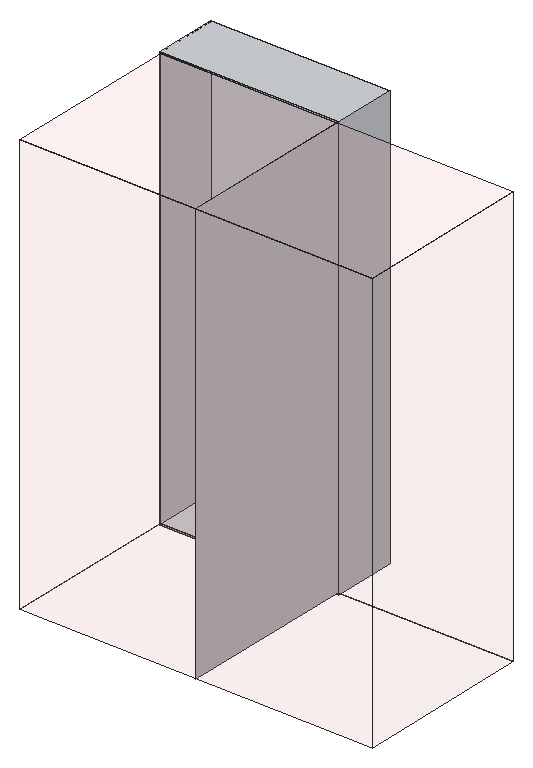
Revit family "Hager-Type B SP&N Distribution Boards-Surface_mounted-IP3X-With_Cover-Without_DIN-NoHosted-GB-en", category Electrical Equipment, Revit 2023
Family settings
  Panel Configuration = Two Columns, Circuits Across
  Round Connector Dimension = Use Diameter
  Part Type = Panelboard
  Work Plane-Based = Yes
  Always vertical = Yes
  Cut with Voids When Loaded = No
  Maintain Annotation Orientation = No
  Shared = No
  Room Calculation Point = No
Parameters (values of type "Type B SP&N Distribution Boards-Surface_mounted_W465_H1100_D166_0_Modular_Spacing-JK212BSF")
  Width Control [instance] = if([HG000006-Flush mounted], if([EF000846 - Recess width] > min_whd, [EF000846 - Recess width], min_whd), if([EF000008 - Width] > min_whd, ([EF000008 - Width]), min_whd))  # 465 mm
  Void Depth [instance] = if([EF000218 - Recess depth] > 1 mm, [EF000218 - Recess depth], 1 mm)  # 1 mm
  Uniformat code = "D501001"
  Uniformat = "Low Tension Service & Dist."
  Référence = ""
  HG000131 - Functional label [instance] = ""
  HG000130 - Functional name [instance] = ""
  HG000099-Onfly Template ID = "507532"
  HG000059-Operating voltage [instance] = 230 V
  ETIM class name = "Small distribution board"
  ETIM class code = "EC000214"
  EF015941 - Signal passing door = no
  EF015777 - Neutral terminal block = no
  EF015776 - Earthing terminal block = no
  EF009212 - Cover model = ""
  EF006306 - With lock = no
  EF006244 - Transparent cover/door = no
  EF005474 - Degree of protection (IP rating) = "IP3X"
  EF004462 - Type of closure = ""
  EF002950 - Width in number of modular spacings = 0
  EF001596 - Housing material = ""
  EF001134 - With DIN-rail = no
  EF001131 - Internal depth = 0 mm
  EF001088 - Extension possible = yes
  EF001062 - EMC-version = no
  EF000846 - Recess width = 0 mm
  EF000339 - Type of covering = ""
  EF000332 - Recess height = 0 mm
  EF000266 - Number of rows = 0
  EF000218 - Recess depth = 0 mm
  EF000118 - With mounting plate = no
  EF000116 - RAL number = 7035
  EF000049 - Depth = 166 mm
  EF000040 - Height = 1100 mm
  EF000008 - Width = 465 mm
  EF000007 - Colour = "Grey"
  EF000003 - Mounting method = "Surface mounted"
  EF004464 - Type of door = ""
  EF000024 - UV resistant = no
  Type Comments = ""
  System Height [instance] = Height Control - 2 * [HG000005-Thickness]  # 446 mm
  Reference description = ""
  Reference = "Type B SP&N Distribution Boards-Surface_mounted_W465_H1100_D166_0_Modular_Spacing-JK212BSF"
  Panel Name [instance] = ""  # (empty or 0)
  Offset [instance] = 0 mm
  Object type = ""
  Name hager = "ADD_Enclosures_EC000214"
  Name BIM&CO = "Electricity"
  Name = "Type B SP&N Distribution Boards-Surface_mounted-IP3X-With_Cover-Without_DIN-GB"
  Model = ""
  Level Offset [instance] = [Flush Mounted - Door Frame Width] + Offset  # 50 mm
  HGEF002950-Width in number of modular spacings = 0
  HGEF000266-Number of rows = 0
  HG000060-RAL-number = "7035"
  HG000017-Distance between poles = 18 mm
  HG000016-Door 3D visibility = yes
  HG000015-Clearance visibility = yes
  HG000014-Door on the right = yes
  HG000013-Door on the left = not([HG000014-Door on the right])  # no
  HG000012-Door swing angle = 90.00°
  HG000011-Empty rows from bottom = no
  HG000010-Asymmetric doors = no
  HG000009-Double swing door = no
  HG000008-Number of empty rows = 0
  HG000007-Number of empty columns = 0
  HG000006-Flush mounted = no
  HG000005-Thickness = 2 mm
  HG000004-Manufacturer reference = "JK212BSF"
  HG000003-Range = "Type B SP&N Distribution Boards"
  HG000002-With door or cover = yes
  HG000001-Number of columns = 0
  GTIN (Global Trade Item Number) = ""
  Description = ""
  Default Elevation = 1200 mm
  Creation Date = "12/17/2025 20:13:45"
  Code hager = "ADD-EC000214_EU"
  Code Uniformat = ""
  BIM&CO code = ""
  BC_VARIANT_ID = "1178584"
  BC_OBJECT_VERSION = "#1"  # constant formula
  BC_OBJECT_ID = "513821"  # constant formula
  BC_MODEL_ID = "1554198"  # constant formula
  BC_METADATA = "{\"ObjectGuid\":\"bc35c96e-cb38-443e-833d-0616858cb9ac\",\"ModelGuid\":\"8af03f69-2293-4735-a617-cc53adf55621\",\"VariantGuid\":\"8b6e323b-1b53-409a-a940-11b5a7fc5337\",\"Revision\":\"#4\",\"VariantName\":\"Template-Enclosure_EU-EC000214\"}"
  Arrow Offset [instance] = Depth Control / 8  # 18.75 mm
  Arrow Height [instance] = Depth Control - Arrow Offset  # 131.25 mm
  Host Offset [instance] = if([HG000006-Flush mounted], 0 mm, [EF000049 - Depth])  # 166 mm
  min_whd [instance] = (2 * [HG000005-Thickness]) + 1 mm  # 5 mm
  Manufacturer = "Hager"  # constant formula
  Height Control [instance] = if([HG000006-Flush mounted], if([EF000332 - Recess height] > min_whd, [EF000332 - Recess height], min_whd), if([EF000040 - Height] > min_whd, ([EF000040 - Height]), min_whd))  # 1100 mm
  Flush Mounted - Door Frame Width [instance] = if(([EF000040 - Height] - [EF000332 - Recess height]) > 0 mm, if([HG000006-Flush mounted], [EF000040 - Height] - [EF000332 - Recess height], 0 mm), 0 mm)  # 0 mm
  Depth Control [instance] = if([HG000006-Flush mounted], if([EF000218 - Recess depth] > 0 mm, [EF000218 - Recess depth], 1 mm), if([EF000049 - Depth] > 0 mm, ([EF000049 - Depth]), 1 mm))  # 166 mm
Types (19, lengths in mm): name | Width Control | EF006306 - With lock | EF006244 - Transparent cover/door | EF001088 - Extension possible | EF000049 - Depth | EF000040 - Height | EF000008 - Width | EF000007 - Colour | Reference | HG000004-Manufacturer reference | HG000001-Number of columns | BC_VARIANT_ID | Host Offset | Height Control | Depth Control
  Type B SP&N Distribution Boards-Surface_mounted_W465_H305_D55_0_Modular_Spacing-JK101DK | 465 | no | no | no | 55 | 305 | 465 | "" | "Type B SP&N Distribution Boards-Surface_mounted_W465_H305_D55_0_Modular_Spacing-JK101DK" | "JK101DK" | 1 | "1178573" | 55 | 305 | 55
  Type B SP&N Distribution Boards-Surface_mounted_W465_H450_D55_0_Modular_Spacing-JK102DK | 465 | no | no | no | 55 | 450 | 465 | "" | "Type B SP&N Distribution Boards-Surface_mounted_W465_H450_D55_0_Modular_Spacing-JK102DK" | "JK102DK" | 1 | "1178574" | 55 | 450 | 55
  Type B SP&N Distribution Boards-Surface_mounted_W465_H500_D91_0_Modular_Spacing-JK104BSF | 465 | no | yes | yes | 91 | 500 | 465 | "Grey" | "Type B SP&N Distribution Boards-Surface_mounted_W465_H500_D91_0_Modular_Spacing-JK104BSF" | "JK104BSF" | 0 | "1178575" | 91 | 500 | 91
  Type B SP&N Distribution Boards-Surface_mounted_W465_H500_D91_0_Modular_Spacing-JK104BSH | 465 | yes | yes | yes | 91 | 500 | 465 | "Grey" | "Type B SP&N Distribution Boards-Surface_mounted_W465_H500_D91_0_Modular_Spacing-JK104BSH" | "JK104BSH" | 0 | "1178576" | 91 | 500 | 91
  Type B SP&N Distribution Boards-Surface_mounted_W465_H550_D91_0_Modular_Spacing-JK106BSF | 465 | no | yes | yes | 91 | 550 | 465 | "Grey" | "Type B SP&N Distribution Boards-Surface_mounted_W465_H550_D91_0_Modular_Spacing-JK106BSF" | "JK106BSF" | 0 | "1178577" | 91 | 550 | 91
  Type B SP&N Distribution Boards-Surface_mounted_W465_H625_D91_0_Modular_Spacing-JK108BSF | 465 | no | no | yes | 91 | 625 | 465 | "Grey" | "Type B SP&N Distribution Boards-Surface_mounted_W465_H625_D91_0_Modular_Spacing-JK108BSF" | "JK108BSF" | 0 | "1178578" | 91 | 625 | 91
  Type B SP&N Distribution Boards-Surface_mounted_W465_H850_D91_0_Modular_Spacing-JK112BSF | 465 | no | no | yes | 91 | 850 | 465 | "Grey" | "Type B SP&N Distribution Boards-Surface_mounted_W465_H850_D91_0_Modular_Spacing-JK112BSF" | "JK112BSF" | 0 | "1178579" | 91 | 850 | 91
  Type B SP&N Distribution Boards-Surface_mounted_W465_H950_D91_0_Modular_Spacing-JK116BSF | 465 | no | no | yes | 91 | 950 | 465 | "Grey" | "Type B SP&N Distribution Boards-Surface_mounted_W465_H950_D91_0_Modular_Spacing-JK116BSF" | "JK116BSF" | 0 | "1178580" | 91 | 950 | 91
  Type B SP&N Distribution Boards-Surface_mounted_W465_H950_D91_0_Modular_Spacing-JK116BSH | 465 | no | no | yes | 91 | 950 | 465 | "Grey" | "Type B SP&N Distribution Boards-Surface_mounted_W465_H950_D91_0_Modular_Spacing-JK116BSH" | "JK116BSH" | 0 | "1178581" | 91 | 950 | 91
  Type B SP&N Distribution Boards-Surface_mounted_W465_H950_D124_0_Modular_Spacing-JK208BSF | 465 | no | no | yes | 124 | 950 | 465 | "Grey" | "Type B SP&N Distribution Boards-Surface_mounted_W465_H950_D124_0_Modular_Spacing-JK208BSF" | "JK208BSF" | 0 | "1178582" | 124 | 950 | 124
  Type B SP&N Distribution Boards-Surface_mounted_W232_H950_D124_0_Modular_Spacing-JK208BSH | 232 | no | no | yes | 124 | 950 | 232 | "Grey" | "Type B SP&N Distribution Boards-Surface_mounted_W232_H950_D124_0_Modular_Spacing-JK208BSH" | "JK208BSH" | 0 | "1178583" | 124 | 950 | 124
  Type B SP&N Distribution Boards-Surface_mounted_W465_H1100_D166_0_Modular_Spacing-JK212BSF | 465 | no | no | yes | 166 | 1100 | 465 | "Grey" | "Type B SP&N Distribution Boards-Surface_mounted_W465_H1100_D166_0_Modular_Spacing-JK212BSF" | "JK212BSF" | 0 | "1178584" | 166 | 1100 | 166
  Type B SP&N Distribution Boards-Surface_mounted_W232_H1100_D166_0_Modular_Spacing-JK212BSH | 232 | no | no | yes | 166 | 1100 | 232 | "Grey" | "Type B SP&N Distribution Boards-Surface_mounted_W232_H1100_D166_0_Modular_Spacing-JK212BSH" | "JK212BSH" | 0 | "1178585" | 166 | 1100 | 166
  Type B SP&N Distribution Boards-Surface_mounted_W465_H1250_D166_0_Modular_Spacing-JK216BSF | 465 | no | no | yes | 166 | 1250 | 465 | "Grey" | "Type B SP&N Distribution Boards-Surface_mounted_W465_H1250_D166_0_Modular_Spacing-JK216BSF" | "JK216BSF" | 0 | "1178586" | 166 | 1250 | 166
  Type B SP&N Distribution Boards-Surface_mounted_W232_H1250_D166_0_Modular_Spacing-JK216BSH | 232 | no | no | yes | 166 | 1250 | 232 | "Grey" | "Type B SP&N Distribution Boards-Surface_mounted_W232_H1250_D166_0_Modular_Spacing-JK216BSH" | "JK216BSH" | 0 | "1178587" | 166 | 1250 | 166
  Type B SP&N Distribution Boards-Surface_mounted_W465_H1400_D166_0_Modular_Spacing-JK218BSF | 465 | no | no | yes | 166 | 1400 | 465 | "Grey" | "Type B SP&N Distribution Boards-Surface_mounted_W465_H1400_D166_0_Modular_Spacing-JK218BSF" | "JK218BSF" | 0 | "1178588" | 166 | 1400 | 166
  Type B SP&N Distribution Boards-Surface_mounted_W232_H1400_D166_0_Modular_Spacing-JK218BSH | 232 | no | no | yes | 166 | 1400 | 232 | "Grey" | "Type B SP&N Distribution Boards-Surface_mounted_W232_H1400_D166_0_Modular_Spacing-JK218BSH" | "JK218BSH" | 0 | "1178589" | 166 | 1400 | 166
  Type B SP&N Distribution Boards-Surface_mounted_W465_H1550_D124_0_Modular_Spacing-JK224BSF | 465 | no | no | yes | 124 | 1550 | 465 | "Grey" | "Type B SP&N Distribution Boards-Surface_mounted_W465_H1550_D124_0_Modular_Spacing-JK224BSF" | "JK224BSF" | 0 | "1178590" | 124 | 1550 | 124
  Type B SP&N Distribution Boards-Surface_mounted_W232_H1550_D124_0_Modular_Spacing-JK224BSH | 232 | no | no | yes | 124 | 1550 | 232 | "Grey" | "Type B SP&N Distribution Boards-Surface_mounted_W232_H1550_D124_0_Modular_Spacing-JK224BSH" | "JK224BSH" | 0 | "1178591" | 124 | 1550 | 124
Reference planes
  plane 1 "Center (Front/Back)": y = 0
  plane 2: z = 0
  plane 3 "Center (Left/Right)": x = 0
  plane 4: y = 2
  plane 5: y = 0
  plane 6: y = 0
  plane 7: z = 0
  plane 8: x = -232.5
  plane 9: x = 232.5
  plane 10: x = 230.5
  plane 11: x = -230.5
  plane 12: z = 50
  plane 13: z = 52
  plane 14: y = -161
  plane 15: y = -166
  plane 16: y = -2
  plane 17: z = 1148
  plane 18: z = 1150
  plane 19: z = 600
  plane 20: x = 0
  plane 21: y = -100
  plane 22 "Annotation H": y = -300
  plane 23 "Annotation V": x = 432.5
Forms (mm)
  Extrusion 1, solid
    sketch origin (-208.679, -4572, 50) x (-1, 0, 0) y (0, -1, 0)
      loop
        line (23.821, -4406) -> (-441.179, -4406) -> (-441.179, -4572) -> (23.821, -4572) -> (23.821, -4406)
    from 0 to 1100 <- "Height Control"
  Extrusion 2, void
    sketch origin (-350.771, -166, 1219.2) x (1, 0, 0) y (0, 0, 1)
      loop
        line (120.271, -71.2) -> (120.271, -1167.2) -> (581.271, -1167.2) -> (581.271, -71.2) -> (120.271, -71.2)
    from 0 to -164
  Extrusion 3, solid, detail levels coarse+medium
    sketch origin (-350.771, -166, 1219.2) x (-1, 0, 0) y (0, 0, 1)
      loop
        line (-120.271, -71.2) -> (-581.271, -71.2) -> (-581.271, -1167.2) -> (-120.271, -1167.2) -> (-120.271, -71.2)
    from 0 to 2 <- "HG000005-Thickness"
Cuts and joins
  Extrusion 2 cuts Extrusion 1
Dimensions and locks
  "Flush Mounted - Door Frame Width": plane 1 "Center (Front/Back)" to plane 6
  "HG000005-Thickness": plane 4 to plane 6
  "HG000005-Thickness": plane 8 to plane 11
  "HG000005-Thickness": plane 9 to plane 10
  equal spacing: plane 8, plane 3 "Center (Left/Right)", plane 9
  "Width Control": plane 8 to plane 9
  locked: plane 14 to plane 15 at 5
  "Host Offset": plane 1 "Center (Front/Back)" to plane 15
  "Depth Control": plane 5 to plane 15
  "HG000005-Thickness": plane 5 to plane 16
  "HG000005-Thickness": plane 13 to plane 12
  "Level Offset": plane 12 to level
  "HG000005-Thickness": plane 18 to plane 17
  "Height Control": plane 18 to plane 12
  "Arrow Offset": plane 5 to nested 4
  equal spacing: plane 18, plane 19, plane 12
  locked: connector elem to plane 19
  locked: connector elem to plane 3 "Center (Left/Right)"
  Extrusion 2 sketch curve to Extrusion 2 sketch curve to plane 9 = 461 mm, 2 mm
  locked: plane 9 to plane 23 "Annotation V" at 200
  locked: plane 22 "Annotation H" to plane 1 "Center (Front/Back)" at 300
  aligned and locked: nested 1 to plane 14
  aligned and locked: plane 3 "Center (Left/Right)" to nested 1
  aligned and locked: plane 3 "Center (Left/Right)" to nested 2
  aligned and locked: nested 2 to plane 15
  aligned and locked: plane 5 to Extrusion 1
  aligned and locked: Extrusion 3 sketch curve to plane 17
  aligned and locked: Extrusion 3 sketch curve to plane 11
  aligned and locked: Extrusion 3 sketch curve to plane 13
  aligned and locked: Extrusion 3 sketch curve to plane 10
  aligned and locked: Extrusion 2 sketch curve to plane 13
  aligned and locked: Extrusion 2 sketch curve to plane 17
  aligned and locked: plane 16 to Extrusion 2
  aligned and locked: plane 5 to Extrusion 1 sketch curve
  aligned and locked: plane 9 to Extrusion 1 sketch curve
  aligned and locked: plane 8 to Extrusion 1 sketch curve
  aligned and locked: plane 8 to nested 4
  aligned and locked: plane 8 to nested 3
  aligned and locked: nested 3 to plane 5
  aligned and locked: Extrusion 1 sketch curve to plane 15
  aligned and locked: Extrusion 2 to plane 15
  aligned and locked: nested 5 to plane 22 "Annotation H"
  aligned and locked: plane 23 "Annotation V" to nested 5
  aligned and locked: plane 11 to Extrusion 2
  aligned and locked: plane 10 to Extrusion 2
Nested families
  nested 1: "Hager_Enclosure_System" at (0, -161, 52), Flush_Mounted <- "HG000006-Flush mounted", Height <- "System Height", Width_Control <- "Width Control", Row_Module_Multiplicator <- "HGEF002950-Width in number of modular spacings", Empty_Columns <- "HG000007-Number of empty columns", Border <- "HG000005-Thickness", Total_No_Empty_Rows <- "HG000008-Number of empty rows", Depth <- "HG000005-Thickness", Empty_Rows_From_Bottom <- "HG000011-Empty rows from bottom", Distance_Between_Poles <- "HG000017-Distance between poles", Rows_Count <- "HGEF000266-Number of rows", Columns_Count <- "HG000001-Number of columns", Built-in_Width <- "EF000846 - Recess width", Width <- "EF000008 - Width", type "Hager_Enclosure_System", detail levels medium+fine
    with Width_Control 465 mm, Width 465 mm, Total_No_Rows 0, Total_No_Empty_Rows 0, Total_No_Columns 1, System_Width 461 mm, Rows_Count 0, Rows_Column 0, Row_Module_Multiplicator 0, Panel_4 no, Panel_3 no, Panel_2 no, Panel_1 no, No_Panels_Ctrl 1, Hide_Columns yes, Height 446 mm, Flush_Mounted no, Empty_Rows_From_Bottom no, Empty_Rows_Column 0, Empty_Columns 0, Empty column 4 0, Empty column 3 0, Empty column 2 0, Empty column 1 0, Distance_Between_Poles 18 mm, Depth 2 mm, Columns_Count 0, Column_Width 461 mm, Built-in_Width 0 mm, Border 2 mm
  nested 2: "Hager_Enclosure_Door" at (0, -166, 50), Double <- "HG000009-Double swing door", Height_Ctrl <- "Height Control", Angle <- "HG000012-Door swing angle", Door_Right <- "HG000014-Door on the right", Assymetrical <- "HG000010-Asymmetric doors", Flush_Mounted <- "HG000006-Flush mounted", Door <- "HG000002-With door or cover", Width_Ctrl <- "Width Control", 3d_Door <- "HG000016-Door 3D visibility", Border <- "HG000005-Thickness", Clearance <- "HG000015-Clearance visibility", Door_Left <- "HG000013-Door on the left", BuiltIn_Depth <- "EF000218 - Recess depth", Depth <- "EF000049 - Depth", BuiltIn_Width <- "EF000846 - Recess width", Height <- "EF000040 - Height", BuiltIn_Height <- "EF000332 - Recess height", Width <- "EF000008 - Width", Transparent <- "EF006244 - Transparent cover/door", type "Hager_Enclosure_Door", detail levels medium+fine
    with min_wh 5 mm, Width_Ctrl 465 mm, Width 465 mm, Transparent_Door_No_Bottom_Border no, Transparent no, Leaf_Width 458 mm, Leaf_Tolerance 1.5 mm, Leaf_Height 1093 mm, Leaf_2_Width 458 mm, Leaf_2_Offset 229 mm, Leaf_1_Width 458 mm, Leaf_1_Offset 229 mm, Height_Ctrl 1100 mm, Height 1100 mm, Frame_Width_Ctrl 465 mm, Frame_Width 465 mm, Frame_Internal_Offset 0 mm, Frame_Height_Ctrl 1100 mm, Frame_Height 1100 mm, Frame_Depth_Ctrl 1 mm, Frame_Depth 0 mm, Flush_Mounted no, Double_Clearance_Ctrl no, Double no, Door_Right_Ctrl yes, Door_Right yes, Door_Left_Ctrl no, Door_Left no, Door yes, Depth 166 mm, Clearance_Depth 458 mm, Clearance_Ctrl yes, Clearance yes, BuiltIn_Width 0 mm, BuiltIn_Height 0 mm, BuiltIn_Depth 0 mm, Border 2 mm, Assymetrical no, Angle 90.00°, 3d_Door yes
  nested 3: "Hager_Enclosure_Symbol_Triangle" at (-232.5, 0, 0), Depth <- "Depth Control", Width <- "Width Control", type "Hager_Enclosure_Symbol_Triangle"
    with Width_Ctrl 465 mm, Width 465 mm, Depth_Ctrl 166 mm, Depth 166 mm
  nested 4: "Hager_Enclosure_Symbol_Arrow" at (-232.5, -18.75, 0), Height <- "Arrow Height", type "Hager_Enclosure_Symbol_Arrow"
    with Width_Inside 9.844 mm, Width 118.125 mm, Height_Ctrl 131.25 mm, Height 131.25 mm
  nested 5: "Hager_Annotation-HG000130" at (432.5, -300, 0), HG000130 - Functional name <- "HG000130 - Functional name", type "Hager_Annotation-HG000130"
    with HG000130 - Functional name ""
Connectors
  electrical at (0, 0, 600), driven by "HG000059-Operating voltage"
    settings: on plane 5, index 1, voltage 230 V, apparent load 0 VA, apparent load phase1 0 VA, apparent load phase2 0 VA, apparent load phase3 0 VA, power factor 1, load classification "Other", number of poles 1, system type 30, power factor state 1, is connector primary yes, connector utility no, sub classification motor no, connector description ""
Definition of nested family "Hager_Enclosure_Door"
  Parameters (values of type "Hager_Enclosure_Door")
    min_wh [instance] = (2 * Border) + 1 mm  # 11 mm
    Width_Ctrl [instance] = 400 mm
    Width [instance] = 500 mm
    Transparent_Door_No_Bottom_Border [instance] = no
    Transparent [instance] = yes
    Leaf_Width [instance] = if((Width_Ctrl - 2 * Border - 2 * Leaf_Tolerance) > 0 mm, (Width_Ctrl - 2 * Border - 2 * Leaf_Tolerance), min_wh)  # 387 mm
    Leaf_Tolerance [instance] = 1.5 mm  # constant formula
    Leaf_Height [instance] = if((Height_Ctrl - 2 * Border - 2 * Leaf_Tolerance) > 0 mm, (Height_Ctrl - 2 * Border - 2 * Leaf_Tolerance), min_wh)  # 387 mm
    Leaf_2_Width [instance] = if(and(and(Double, Assymetrical), Door_Left), (Leaf_Width / 3) - (Leaf_Tolerance / 2), if(and(and(Double, Assymetrical), Door_Right), (Leaf_Width / 3) * 2 - (Leaf_Tolerance / 2), if(and(Double, not(Assymetrical)), (Leaf_Width / 2) - Leaf_Tolerance, Leaf_Width)))  # 387 mm
    Leaf_2_Offset [instance] = if(and(Double, Assymetrical), Leaf_2_Width / 2, if(and(Double, not(Assymetrical)), Leaf_Width / 4, Leaf_Width / 2))  # 193.5 mm
    Leaf_1_Width [instance] = if(and(and(Double, Assymetrical), Door_Right), (Leaf_Width / 3) - (Leaf_Tolerance / 2), if(and(and(Double, Assymetrical), Door_Left), (Width / 3) * 2 - (Leaf_Tolerance / 2), if(and(Double, not(Assymetrical)), (Leaf_Width / 2) - Leaf_Tolerance, Leaf_Width)))  # 387 mm
    Leaf_1_Offset [instance] = if(and(Double, Assymetrical), Leaf_1_Width / 2, if(and(Double, not(Assymetrical)), Leaf_Width / 4, Leaf_Width / 2))  # 193.5 mm
    Height_Ctrl [instance] = 400 mm
    Height [instance] = 500 mm
    Frame_Width_Ctrl [instance] = if(Frame_Width > 0 mm, Frame_Width, 1 mm)  # 1 mm
    Frame_Width [instance] = Width - BuiltIn_Width  # 0 mm
    Frame_Internal_Offset [instance] = if(Flush_Mounted, Border, 0 mm)  # 5 mm
    Frame_Height_Ctrl [instance] = if(Frame_Height > 0 mm, Frame_Height, 1 mm)  # 1 mm
    Frame_Height [instance] = Height - BuiltIn_Height  # 0 mm
    Frame_Depth_Ctrl [instance] = if(Frame_Depth > 0 mm, Frame_Depth, 1 mm)  # 1 mm
    Frame_Depth [instance] = if(Depth - BuiltIn_Depth > 0 mm, if(Flush_Mounted, Depth - BuiltIn_Depth, 0 mm), 0 mm)  # 0 mm
    Flush_Mounted [instance] = yes
    Double_Clearance_Ctrl [instance] = and(Double, Clearance)  # no
    Double [instance] = no
    Door_Right_Ctrl [instance] = and(or(Door_Right, Double), Door)  # yes
    Door_Right [instance] = yes
    Door_Left_Ctrl [instance] = and(or(Door_Left, Double), Door)  # no
    Door_Left [instance] = no
    Door [instance] = yes
    Depth [instance] = 500 mm
    Default Elevation = 1219.2 mm
    Clearance_Material = none
    Clearance_Depth [instance] = if(Leaf_1_Width > Leaf_2_Width, Leaf_1_Width, Leaf_2_Width)  # 387 mm
    Clearance_Ctrl [instance] = and(not(Double), Clearance)  # yes
    Clearance [instance] = yes
    BuiltIn_Width [instance] = 500 mm
    BuiltIn_Height [instance] = 500 mm
    BuiltIn_Depth [instance] = 500 mm
    Border [instance] = 5 mm
    Assymetrical [instance] = yes
    Angle [instance] = 30.00°
    3d_Door [instance] = yes
  Reference planes
    plane 1 "Center (Front/Back)": y = 0
    plane 2 "Bottom": z = 0
    plane 3 "Center (Left/Right)": x = 0
    plane 4: z = 400
    plane 5: x = -200
    plane 6: x = 200
    plane 7: z = 395
    plane 8: x = -195
    plane 9: z = 5
    plane 10: x = 195
    plane 11: y = 0
    plane 12: z = 6.5
    plane 13: x = -582
    plane 14: y = -387
    plane 15: x = 582
    plane 16: x = 0
    plane 17: x = 0
    plane 18: x = -193.5
    plane 19: x = 193.5
    plane 20: z = 393.5
  Forms (mm)
    Extrusion 1, solid, visible <- "Flush_Mounted"
      sketch origin (0, 0, 0) x (1, 0, 0) y (0, 0, 1)
        loop
          line (195, 5) -> (195, 395) -> (-195, 395) -> (-195, 5) -> (195, 5)
        loop
          line (-201, 401) -> (-201, -1) -> (201, -1) -> (201, 401) -> (-201, 401)
      from 0 to 1 <- "Frame_Depth_Ctrl"
    Extrusion 2, solid, material <- "Clearance_Material", visible <- "Double_Clearance_Ctrl"
      sketch origin (1200, 0, 0) x (1, 0, 0) y (0, 0, -1)
        loop
          line (-1782, -393.5) -> (-618, -393.5) -> (-618, 0) -> (-1782, 0) -> (-1782, -393.5)
      from 0 to -387
  Dimensions and locks
    equal spacing: plane 5, plane 3 "Center (Left/Right)", plane 6
    "Width_Ctrl": plane 5 to plane 6
    "Border": plane 5 to plane 8
    "Border": plane 6 to plane 10
    "Border": plane 9 to level
    "Border": plane 4 to plane 7
    "Height_Ctrl": plane 4 to level
    "Leaf_Tolerance": plane 12 to plane 9
    "Frame_Depth": plane 11 to plane 1 "Center (Front/Back)"
    "Frame_Width_Ctrl": plane 5 to Extrusion 1 sketch curve
    "Frame_Width_Ctrl": plane 6 to Extrusion 1 sketch curve
    "Frame_Width_Ctrl": Extrusion 1 sketch curve to plane 4
    "Frame_Width_Ctrl": plane 2 "Bottom" to Extrusion 1 sketch curve
    "Leaf_1_Offset": plane 18 to plane 16
    "Leaf_2_Offset": plane 17 to plane 19
    "Leaf_1_Width": plane 13 to plane 8
    "Leaf_2_Width": plane 10 to plane 15
    "Clearance_Depth": plane 14 to plane 1 "Center (Front/Back)"
    "Leaf_Tolerance": plane 8 to plane 18
    "Leaf_Tolerance": plane 19 to plane 10
    "Leaf_Tolerance": plane 7 to plane 20
    "Frame_Internal_Offset": plane 5 to Extrusion 1 sketch curve
    "Frame_Internal_Offset": Extrusion 1 sketch curve to plane 2 "Bottom"
    "Frame_Internal_Offset": plane 6 to Extrusion 1 sketch curve
    "Frame_Internal_Offset": plane 4 to Extrusion 1 sketch curve
    aligned and locked: level to plane 2 "Bottom"
    aligned and locked: nested 1 to plane 16
    aligned and locked: nested 2 to plane 17
    aligned and locked: Extrusion 2 to plane 13
    aligned and locked: plane 15 to Extrusion 2
    aligned and locked: Extrusion 2 to plane 14
    aligned and locked: plane 12 to nested 1
    aligned and locked: nested 2 to plane 12
    aligned and locked: Extrusion 2 to plane 11
    aligned and locked: plane 20 to Extrusion 2
    aligned and locked: nested 2 to plane 11
    aligned and locked: nested 1 to plane 11
  Automatic sketch dimensions
    Extrusion 2 sketch curve to level = 0 mm
    plane 5 to Extrusion 2 sketch curve = 382 mm
    plane 6 to Extrusion 2 sketch curve = 382 mm
    Extrusion 2 sketch curve to plane 4 = 6.5 mm
  Nested families
    nested 1: "Hager_Enclosure_Door_Leaf" at (0, 0, 6.5), Width <- "Leaf_1_Width", visible <- "Door_Left_Ctrl", Leaf_Height <- "Leaf_Height", Angle <- "Angle", Depth <- "Border", 3d_Door <- "3d_Door", Transparent <- "Transparent", Clearance Material <- "Clearance_Material", Clearance <- "Clearance_Ctrl", Transparent_Door_No_Bottom_Border <- "Transparent_Door_No_Bottom_Border", type "Hager_Enclosure_Door_Leaf"
      with Width 387 mm, Transparent_Door_No_Bottom_Border no, Transparent_Door_Border_Bottom_Top 25 mm, Transparent_Door_Border 25 mm, Transparent_Ctrl yes, Transparent yes, Standard no, Leaf_Height 387 mm, Glass_Offset 1 mm, Depth 5 mm, Clearance Material none, Clearance yes, Angle_Ctrl 30.00°, Angle 30.00°, 3d_Door yes
    nested 2: "Hager_Enclosure_Door_Leaf" at (0, 0, 6.5) x (-1, 0, 0) z (0, 0, 1), Width <- "Leaf_2_Width", visible <- "Door_Right_Ctrl", Leaf_Height <- "Leaf_Height", Angle <- "Angle", Depth <- "Border", 3d_Door <- "3d_Door", Transparent <- "Transparent", Clearance Material <- "Clearance_Material", Clearance <- "Clearance_Ctrl", Transparent_Door_No_Bottom_Border <- "Transparent_Door_No_Bottom_Border", type "Hager_Enclosure_Door_Leaf"
      with Width 387 mm, Transparent_Door_No_Bottom_Border no, Transparent_Door_Border_Bottom_Top 25 mm, Transparent_Door_Border 25 mm, Transparent_Ctrl yes, Transparent yes, Standard no, Leaf_Height 387 mm, Glass_Offset 1 mm, Depth 5 mm, Clearance Material none, Clearance yes, Angle_Ctrl 30.00°, Angle 30.00°, 3d_Door yes
  Definition of nested family "Hager_Enclosure_Door_Leaf"
    Parameters (values of type "Hager_Enclosure_Door_Leaf")
      Width [instance] = 2000 mm
      Transparent_Door_No_Bottom_Border [instance] = yes
      Transparent_Door_Border_Bottom_Top [instance] = if(Transparent_Door_No_Bottom_Border, 0.1 mm, Transparent_Door_Border)  # 0.1 mm
      Transparent_Door_Border [instance] = if(Transparent_Door_No_Bottom_Border, (Width * 0.12), 25 mm)  # 240 mm
      Transparent_Ctrl [instance] = and(Transparent, [3d_Door])  # yes
      Transparent [instance] = yes
      Standard [instance] = and(not(Transparent), [3d_Door])  # no
      Leaf_Height [instance] = 2720.336 mm
      Glass_Offset [instance] = if((Depth - 10 mm) / 2 > 0 mm, (Depth - 10 mm) / 2, 1 mm)  # 15 mm
      Glass_Material = none
      Depth [instance] = 40 mm
      Default Elevation = 0 mm
      Clearance Material [instance] = none
      Clearance [instance] = yes
      Angle_Ctrl [instance] = if(Angle > 170.00°, 170.00°, Angle)  # 45.00°
      Angle [instance] = 45.00°
      3d_Door [instance] = yes
    Reference planes
      plane 1 "Center (Front/Back)": y = 0
      plane 2: z = 0
      plane 3 "Center (Left/Right)": x = 0
      plane 4: y = 2000
      plane 5: x = -1000
      plane 6: x = 1000
      plane 7: x = -3000
      plane 8: z = 2720.336
      plane 9: z = 0.1
      plane 10: z = 2720.236
      plane 11: x = 760
      plane 12: x = -760
    Forms (mm)
      Extrusion 1, solid, material <- "Clearance Material", visible <- "Clearance"
        sketch origin (0, 0, 0) x (1, 0, 0) y (0, 0, 1)
          loop
            line (-3000, 2720.336) -> (-3000, 0) -> (1000, 0) -> (1000, 2720.336) -> (-3000, 2720.336)
        from 0 to -2000
      Extrusion 2, solid, visible <- "Standard", detail levels medium+fine
        sketch origin (-1000, 0, 0) x (0.707107, 0.707107, 0) y (-0.707107, 0.707107, 0)
          loop
            line (0, -40) -> (2000, -40) -> (2000, 0) -> (0, 0) -> (0, -40)
        from 0 to 2720.336 <- "Leaf_Height"
      Extrusion 3, solid, visible <- "Transparent_Ctrl", detail levels medium+fine
        sketch origin (-1000, 0, 0) x (0.707107, 0.707107, 0) y (-0.707107, 0.707107, 0)
          loop
            line (0, -40) -> (2000, -40) -> (2000, 0) -> (0, 0) -> (0, -40)
        from 0 to 2720.336 <- "Leaf_Height"
      Extrusion 4, void, detail levels medium+fine
        sketch origin (-1000, 0, 0) x (-0.707107, 0.707107, 0) y (0.707107, 0.707107, 0)
          loop
            line (0, 240) -> (0, 1760) -> (-40, 1760) -> (-40, 240) -> (0, 240)
        from -2720.236 to -0.1
      Extrusion 5, solid, material <- "Glass_Material", visible <- "Transparent_Ctrl", detail levels medium+fine
        sketch origin (-1000, 0, 0) x (0.707107, 0.707107, 0) y (-0.707107, 0.707107, 0)
          loop
            line (240, -15) -> (240, -25) -> (1760, -25) -> (1760, -15) -> (240, -15)
        from 0.1 to 2720.236
    Cuts and joins
      Extrusion 4 cuts Extrusion 3
    Lines and regions (mm)
      symbolic lines
        curve 1: line (1000, 0, 0) -> (-3000, 0, 0)
        curve 2: arc (1000, 0, 0) -> (-1000, 2000, 0) -> (-3000, 0, 0) r 2000
        curve 4: line (-1000, 0, 0) -> (414.214, 1414.214, 0)
      reference lines
        curve 3: line (-1000, 0, 0) -> (414.214, 1414.214, 0)
      symbolic lines, detail levels medium+fine
        curve 5: line (414.214, 1414.214, 0) -> (442.498, 1385.929, 0)
        curve 6: line (442.498, 1385.929, 0) -> (-971.716, -28.284, 0)
        curve 7: line (-971.716, -28.284, 0) -> (-1000, 0, 0)
        curve 8: line (-1000, 0, 2720.336) -> (1000, 0, 2720.336)
        curve 9: line (-1000, 0, 0) -> (-1000, 0, 2720.336)
        curve 10: line (1000, 0, 0) -> (-1000, 0, 0)
        curve 11: line (1000, 0, 2720.336) -> (1000, 0, 0)
      symbolic lines, visible <- "Transparent_Ctrl", detail levels medium+fine
        curve 12: line (-760, 0, 2720.236) -> (760, 0, 2720.236)
        curve 13: line (-760, 0, 0.1) -> (-760, 0, 2720.236)
        curve 14: line (760, 0, 0.1) -> (-760, 0, 0.1)
        curve 15: line (760, 0, 2720.236) -> (760, 0, 0.1)
    Dimensions and locks
      "Width": plane 1 "Center (Front/Back)" to plane 4
      equal spacing: plane 5, plane 3 "Center (Left/Right)", plane 6
      "Width": plane 5 to plane 6
      "Width": plane 7 to plane 5
      "Leaf_Height": plane 8 to level
      "Depth": curve 6 to curve 3
      "Width": curve 5 to curve 3
      "Width": curve 3 to curve 3
      "Transparent_Door_Border": Extrusion 4 sketch curve to curve 7
      "Transparent_Door_Border": Extrusion 4 sketch curve to curve 5
      "Transparent_Door_Border_Bottom_Top": plane 8 to plane 10
      "Transparent_Door_Border_Bottom_Top": plane 9 to level
      "Glass_Offset": Extrusion 5 sketch curve to curve 4
      "Glass_Offset": Extrusion 5 sketch curve to curve 6
      "Transparent_Door_Border": Extrusion 5 sketch curve to curve 5
      "Transparent_Door_Border": Extrusion 5 sketch curve to curve 7
      "Transparent_Door_Border": plane 12 to plane 5
      "Transparent_Door_Border": plane 6 to plane 11
      "Angle_Ctrl": angle plane 1 "Center (Front/Back)" to curve 3
      aligned and locked: level to plane 2
      aligned and locked: Extrusion 1 to curve 1
      aligned and locked: plane 6 to Extrusion 1
      aligned and locked: Extrusion 1 to plane 1 "Center (Front/Back)"
      aligned and locked: plane 4 to Extrusion 1
      aligned and locked: plane 8 to Extrusion 1
      aligned and locked: curve 4 to curve 3
      aligned and locked: Extrusion 2 sketch curve to curve 7
      aligned and locked: Extrusion 2 sketch curve to curve 6
      aligned and locked: Extrusion 2 sketch curve to curve 5
      aligned and locked: Extrusion 2 sketch curve to curve 3
      aligned and locked: curve 7 to Extrusion 3 sketch curve
      aligned and locked: Extrusion 3 sketch curve to curve 4
      aligned and locked: Extrusion 3 sketch curve to curve 6
      aligned and locked: Extrusion 3 sketch curve to curve 5
      aligned and locked: curve 4 to Extrusion 4 sketch curve
      aligned and locked: curve 6 to Extrusion 4 sketch curve
      aligned and locked: Extrusion 4 to plane 9
      aligned and locked: Extrusion 4 to plane 10
      aligned and locked: Extrusion 5 to plane 9
      aligned and locked: Extrusion 5 to plane 10
      aligned and locked: curve 8 to plane 8
      aligned and locked: plane 5 to curve 9
      aligned and locked: plane 2 to curve 10
      aligned and locked: curve 11 to plane 6
      aligned and locked: plane 10 to curve 12
      aligned and locked: plane 12 to curve 13
      aligned and locked: curve 14 to plane 9
      aligned and locked: plane 11 to curve 15
    Automatic sketch dimensions
      plane 1 "Center (Front/Back)" to curve 2 = 0 mm
      curve 2 to plane 5 = 0 mm
      Extrusion 1 sketch curve to level = 0 mm
      Extrusion 1 sketch curve to plane 7 = 0 mm
      Extrusion 1 sketch curve to plane 6 = 0 mm
      Extrusion 1 sketch curve to plane 8 = 0 mm
      plane 1 "Center (Front/Back)" to curve 3 = 0 mm
      curve 3 to plane 5 = 0 mm
      curve 7 to curve 3 = 0 mm
Definition of nested family "Hager_Enclosure_Symbol_Triangle"
  Parameters (values of type "Hager_Enclosure_Symbol_Triangle")
    Width_Ctrl [instance] = if(Width > 1 mm, Width, 1 mm)  # 498 mm
    Width [instance] = 498 mm
    Depth_Ctrl [instance] = if(Depth > 1 mm, Depth, 1 mm)  # 72 mm
    Depth [instance] = 72 mm
  Reference planes
    plane 1 "Centre (avant/arrière)": y = 0
    plane 2: z = 0
    plane 3 "Centre (gauche/droite)": x = 0
  Lines and regions (mm)
    Filled region 1, type "Solid_Black", in view "Niveau de réf."
      outline origin (0, 0, 0) x (1, 0, 0) y (0, 1, 0)
        loop
          line (0, 0) -> (498, 0) -> (498, 72) -> (0, 0)
    reference lines, in view "Niveau de réf."
      curve 1: line (-206.153, 72, 0) -> (1083.258, 72, 0)
      curve 2: line (498, 405.456, 0) -> (498, -517.619, 0)
  Dimensions and locks
    "Depth_Ctrl": plane 1 "Centre (avant/arrière)" to curve 1
    "Width_Ctrl": plane 3 "Centre (gauche/droite)" to curve 2
    aligned and locked: curve 1 to Filled region 1 sketch curve
    aligned and locked: Filled region 1 sketch curve to plane 1 "Centre (avant/arrière)"
    aligned and locked: curve 2 to Filled region 1 sketch curve
    aligned and locked: plane 3 "Centre (gauche/droite)" to Filled region 1 sketch curve
    aligned and locked: plane 1 "Centre (avant/arrière)" to Filled region 1 sketch curve
  Automatic sketch dimensions
    curve 1 to plane 3 "Centre (gauche/droite)" = 206.153 mm
    curve 2 to curve 1 = 585.258 mm
    plane 1 "Centre (avant/arrière)" to curve 2 = 517.619 mm
    curve 2 to plane 1 "Centre (avant/arrière)" = 405.456 mm
Definition of nested family "Hager_Enclosure_Symbol_Arrow"
  Parameters (values of type "Hager_Enclosure_Symbol_Arrow")
    Width_Inside [instance] = if(Width / 12 > 2 mm, Width / 12, 2 mm)  # 4.987 mm
    Width [instance] = if(Height_Ctrl * 0.9 > 2 mm, Height_Ctrl * 0.9, 2 mm)  # 59.85 mm
    Height_Ctrl [instance] = if(Height > 2 mm, Height, 2 mm)  # 66.5 mm
    Height [instance] = 66.5 mm
  Reference planes
    plane 1 "Centre (avant/arrière)": y = 0
    plane 2: z = 0
    plane 3 "Centre (gauche/droite)": x = 0
    plane 4: x = 59.85
    plane 5: y = 28.263
    plane 6: y = 38.238
    plane 7: y = 66.5
    plane 8: x = 29.925
    plane 9: y = 33.25
  Lines and regions (mm)
    Filled region 1, type "Solid_Black", in view "Niveau de réf."
      outline origin (0, 0, 0) x (1, 0, 0) y (0, 1, 0)
        loop
          line (59.85, 66.5) -> (37.929, 52.827) -> (51.846, 41.935) -> (59.85, 66.5)
    detail lines, in view "Niveau de réf."
      curve 1: line (0, 0, 0) -> (29.925, 38.238, 0)
      curve 2: line (29.925, 38.238, 0) -> (29.925, 28.263, 0)
      curve 3: line (29.925, 28.263, 0) -> (59.85, 66.5, 0)
  Dimensions and locks
    "Width": plane 3 "Centre (gauche/droite)" to plane 4
    "Height_Ctrl": plane 7 to plane 1 "Centre (avant/arrière)"
    equal spacing: plane 3 "Centre (gauche/droite)", plane 8, plane 4
    equal spacing: plane 7, plane 9, plane 1 "Centre (avant/arrière)"
    equal spacing: plane 6, plane 9, plane 5
    "Width_Inside": plane 6 to plane 9
    equal spacing: curve 3, Filled region 1 sketch curve, Filled region 1 sketch curve
    angle Filled region 1 sketch curve to curve 3 = 20.00°
    angle curve 3 to Filled region 1 sketch curve = 20.00°
    locked: curve 3 to Filled region 1 sketch curve (angle 90.00°)
  Automatic sketch dimensions
    plane 1 "Centre (avant/arrière)" to curve 1 = 0 mm
    curve 1 to plane 3 "Centre (gauche/droite)" = 0 mm
    curve 2 to plane 6 = 0 mm
    curve 3 to plane 8 = 0 mm
    curve 3 to plane 4 = 0 mm
    curve 2 to plane 5 = 0 mm
    curve 3 to plane 7 = 0 mm
    Filled region 1 sketch curve to plane 4 = 0 mm
    Filled region 1 sketch curve to plane 7 = 0 mm
Definition of nested family "Hager_Annotation-HG000130"
  Parameters (values of type "Hager_Annotation-HG000130")
    HG000130 - Functional name [instance] = ""
  Reference planes
    plane 1: y = 0
    plane 2: x = 0
  Lines and regions (mm)
    detail lines
      curve 1: line (-27.5, 10, 0) -> (27.5, 10, 0)
      curve 2: line (-27.5, -10, 0) -> (-27.5, 10, 0)
      curve 3: line (27.5, -10, 0) -> (-27.5, -10, 0)
      curve 4: line (27.5, 10, 0) -> (27.5, -10, 0)
  Text (mm)
    label "HG000130 - Functional name" at (0.16, 0.026, 0), shows "HG000130 - Functional name"
